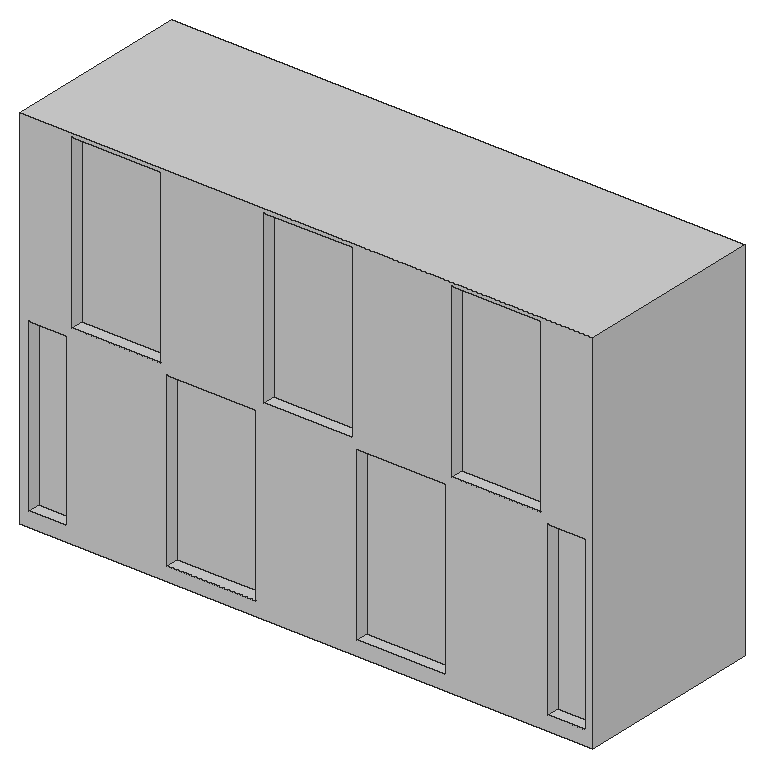
Revit family "SA 6H6W", category Mechanical Equipment, Revit 2019
Family settings
  Round Connector Dimension = Use Diameter
  Part Type = Normal
  OmniClass Number = 23.75.00.00
  OmniClass Title = Climate Control (HVAC)
  Work Plane-Based = No
  Always vertical = Yes
  Cut with Voids When Loaded = No
  Shared = No
  Room Calculation Point = No
Parameters (values of type "6H6W SA")
  Width = 5' - 4 1/2"
  Weight (lbs.) = "4051"
  URL = "www.renewaire.com"
  Model = "6H6W SA"
  Manufacturer = "Renewaire LLC"
  Length = 16' - 3 3/8"
  Housing = Metal - RenewAire - Anodized - Gray Text
  Height = 10' - 5 1/2"
  Description = "Energy Recovery Ventilator"
  Cores (L125-G5) = "36"
  Airflow Range (CFM) = "9,000-39,600"
Reference planes (in)
  plane 1 "Center (Front/Back)": y = 0
  plane 2: z = 0
  plane 3 "Center (Left/Right)": x = 0
Forms (in)
  Extrusion 1, solid, material "Metal - RenewAire - Anodized - Gray Text" <- "Housing"
    sketch origin (0, -16.07731, 0) x (0, 1, 0) y (0, 0, 1)
      loop
        line (32.26413, 145.375) -> (-32.26413, 145.375) -> (-32.26413, 19.875) -> (32.26413, 19.875) -> (32.26413, 145.375)
    from 0 to 195.375
  Extrusion 2, void
    sketch origin (0.62375, -14.11828, 19.48574) x (1, 0, 0) y (0, 0, 1)
      loop
        line (2.375, 63.5) -> (2.375, 5.25) -> (15.17072, 5.25) -> (15.17072, 63.5) -> (2.375, 63.5)
      loop
        line (49.50854, 63.5) -> (49.50854, 5.25) -> (79.83716, 5.25) -> (79.83716, 63.5) -> (49.50854, 63.5)
      loop
        line (47.32983, 124.75) -> (17.00122, 124.75) -> (17.00122, 66.5) -> (47.32983, 66.5) -> (47.32983, 124.75)
      loop
        line (82.52479, 124.75) -> (82.52479, 66.5) -> (112.77479, 66.5) -> (112.77479, 124.75) -> (82.52479, 124.75)
      loop
        line (114.17072, 63.5) -> (114.17072, 5.25) -> (144.42072, 5.25) -> (144.42072, 63.5) -> (114.17072, 63.5)
      loop
        line (146.67096, 124.75) -> (146.67096, 66.5) -> (176.92096, 66.5) -> (176.92096, 124.75) -> (146.67096, 124.75)
      loop
        line (179.375, 63.5) -> (179.375, 5.25) -> (192.17072, 5.25) -> (192.17072, 63.5) -> (179.375, 63.5)
    from 30 to 38.22316
  Extrusion 3, void
    sketch origin (-0.12625, 49.88172, -1.18675) x (1, 0, 0) y (0, 0, 1)
      loop
        line (3.17072, 84.13013) -> (3.17072, 25.88013) -> (15.96643, 25.88013) -> (15.96643, 84.13013) -> (3.17072, 84.13013)
      loop
        line (50.30426, 84.13013) -> (50.30426, 25.88013) -> (80.63287, 25.88013) -> (80.63287, 84.13013) -> (50.30426, 84.13013)
      loop
        line (48.12555, 145.375) -> (17.79694, 145.375) -> (17.79694, 87.13013) -> (48.12555, 87.13013) -> (48.12555, 145.375)
      loop
        line (83.32051, 145.31611) -> (83.32051, 87.13013) -> (113.52479, 87.13013) -> (113.52479, 145.31611) -> (83.32051, 145.31611)
      loop
        line (145.17072, 84.17249) -> (114.92072, 84.17249) -> (114.92072, 25.92249) -> (145.17072, 25.92249) -> (145.17072, 84.17249)
      loop
        line (177.67096, 145.42249) -> (147.42096, 145.42249) -> (147.42096, 87.17249) -> (177.67096, 87.17249) -> (177.67096, 145.42249)
      loop
        line (192.92072, 84.17249) -> (180.125, 84.17249) -> (180.125, 25.92249) -> (192.92072, 25.92249) -> (192.92072, 84.17249)
    from 30 to 38.22316
Cuts and joins
  Extrusion 2, Extrusion 3 cuts Extrusion 1
Dimensions and locks (in)
  aligned and locked: level to plane 2
